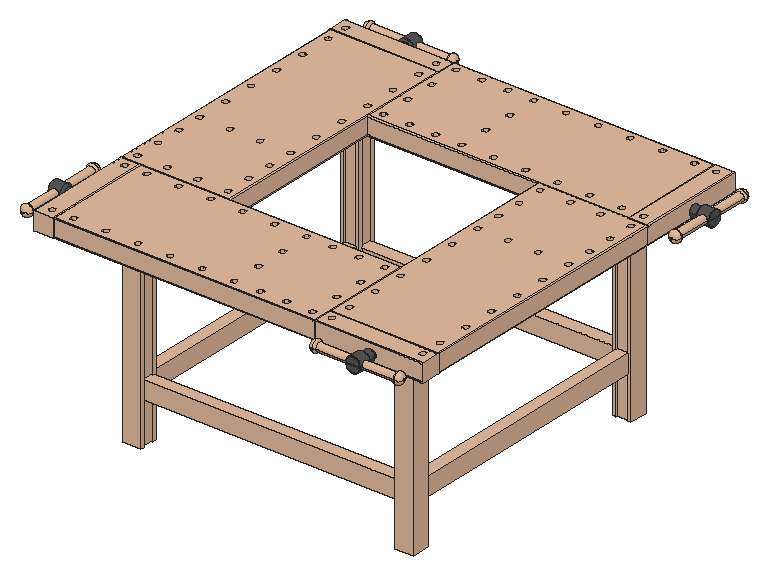
Revit family "Furniture_Other_Sjobergs_Workbench_Junior_4", category Furniture, Revit 2017
Family settings
  OmniClass Number = 23.40.70.14
  OmniClass Title = Retail and Commercial Equipment and Furnishings
  Work Plane-Based = No
  Always vertical = Yes
  Cut with Voids When Loaded = No
  Shared = No
  Room Calculation Point = No
Parameters (values of type "33360 Sjobergs Bench Junior 4")
  Weight = "55 kg"
  WarrantyStartDate [instance] = "n/a"
  WarrantyGuarantorParts = "n/a"
  WarrantyGuarantorLabor = "n/a"
  WarrantyDurationUnit = "Year"
  WarrantyDurationParts = "n/a"
  WarrantyDurationLabor = "n/a"
  WarrantyDescription = "n/a"
  VersionDate = "26/06/2020"  # constant formula
  Version = "1"  # constant formula
  Uniclass2015Reference = "Pr_40_50_21_76"
  Uniclass2015Description = "Desks, Tables And Worktops"
  Uniclass2 = "Pr_40_50_21"
  URL = "https://www.sjobergs.se/en/products/hobby/239.php?id=1026&cat=30&lang=en&artnr=33360"
  Type Comments = ""
  TagNumber [instance] = "n/a"
  TableSecondaryMaterial = Black Metal
  TableMainMaterial = Beech
  SustainabilityPerformance = "n/a"
  Style = "n/a"
  Size = "1300x1300x700 mm"
  Shape = "Sculptured"
  SerialNumber [instance] = "n/a"
  Revision = "n/a"
  ReplacementCost = "n/a"
  ProductInformation = "Intended for pre-school and recreational activities. JUNIOR-4 is delivered complete with trestle in wood and bench dogs."
  ProductDatasheet = "https://www.sjobergs.se/dbhires/Product_sheet_Junior_Senior_2020.pdf"
  NominalLength = 1433.5 mm
  NominalHeight = 700 mm
  NominalDepth = 1433.5 mm
  Name = "Sjobergs_Workbench_Junior_4"
  NBSReference = "45-35-20/320"
  NBSDescription = "School art, design and technology tables and workbenches;"
  ModelReference = "33360"
  ModelNumber = "n/a"
  Material = "Wood, metal"
  ManufacturerURL = "https://www.sjobergs.se/en/"
  ManufacturerName = "Sjöbergs"
  Model = "33360 Sjobergs Bench Junior 4"
  Manufacturer = ManufacturerName  # "Sjöbergs"
  MainColor = "Wooden"
  InstallationDate [instance] = "n/a"
  IfcExportType = "TABLE"  # constant formula
  IfcExportAs = "IfcFurnishingElementType"  # constant formula
  Grade = "n/a"
  Finish = "Solid birch"
  Features = "n/a"
  ExpectedLife = "n/a"
  EANNumber = ""
  DurationUnit = "Year"
  Description = "Intended for pre-school and recreational activities. JUNIOR-4 is delivered complete with trestle in wood and bench dogs."
  Cost = 0
  ConvergoRefNr = "0184-2005-0020-SE"
  Constituents = "33360 Junior x 4"
  Color = MainColor  # "Wooden"
  Collection = "Planer Benches"
  CodePerformance = "n/a"
  Barcode [instance] = "n/a"
  AssetIdentifier [instance] = "n/a"
  Category = "Hobby"
  Brand = ManufacturerName  # "Sjöbergs"
  BIMObjectName = "Furniture_Other_Sjobergs_Workbench_Junior_4"
  Author = "Convergo AB"  # constant formula
  AssetType = "Movable"
  AccessibilityPerformance = "n/a"
Reference planes
  plane 1 "Center (Front/Back)": y = 0
  plane 2: z = 0
  plane 3 "Center (Left/Right)": x = 0
  plane 4: x = -716.75
  plane 5: x = 716.75
  plane 6: y = 716.75
  plane 7: y = -716.75
  plane 8: z = 700
Dimensions and locks
  equal spacing: plane 4, plane 3 "Center (Left/Right)", plane 5
  "NominalLength": plane 4 to plane 5
  equal spacing: plane 6, plane 1 "Center (Front/Back)", plane 7
  "NominalDepth": plane 7 to plane 6
  "NominalHeight": plane 8 to plane 2
  aligned and locked: level to plane 2
  aligned and locked: plane 3 "Center (Left/Right)" to nested 1
  aligned and locked: plane 1 "Center (Front/Back)" to nested 1
Nested families
  nested 1: "33360" at (0, 0, 0), Main <- "TableMainMaterial", Secondary <- "TableSecondaryMaterial", type "33360"
    with Secondary Black Metal, Main Beech
Definition of nested family "33360"
  Parameters (values of type "33360")
    Secondary [instance] = none
    Main [instance] = none
  Reference planes
    plane 1 "Center (Front/Back)": y = 0
    plane 2: z = 0
    plane 3 "Center (Left/Right)": x = 0
    plane 4: y = 716.75
    plane 5: y = -716.75
    plane 6: x = -716.75
    plane 7: x = 716.75
    plane 8: z = 700
  Forms (mm)
    Extrusion 1, solid, material <- "Main", detail levels coarse
      sketch origin (0, 0, 0) x (1, 0, 0) y (0, 1, 0)
        loop
          line (-716.75, 716.75) -> (-716.75, -716.75) -> (716.75, -716.75) -> (716.75, 716.75) -> (-716.75, 716.75)
      from 0 to 700
    Extrusion 2, solid, material <- "Main", detail levels medium+fine
      sketch origin (0, 0, 0) x (1, 0, 0) y (0, 1, 0)
        loop
          line (-420, 480) -> (-480, 480) -> (-480, 420) -> (-470, 420) -> (-470, 425) -> (-430, 425) -> (-430, 420) -> (-420, 420) -> (-420, 430) -> (-425, 430) -> (-425, 470) -> (-420, 470) -> (-420, 480)
        loop
          line (420, 480) -> (420, 470) -> (425, 470) -> (425, 430) -> (420, 430) -> (420, 420) -> (430, 420) -> (430, 425) -> (470, 425) -> (470, 420) -> (480, 420) -> (480, 480) -> (420, 480)
        loop
          line (-420, -480) -> (-420, -470) -> (-425, -470) -> (-425, -430) -> (-420, -430) -> (-420, -420) -> (-430, -420) -> (-430, -425) -> (-470, -425) -> (-470, -420) -> (-480, -420) -> (-480, -480) -> (-420, -480)
        loop
          line (420, -480) -> (480, -480) -> (480, -420) -> (470, -420) -> (470, -425) -> (430, -425) -> (430, -420) -> (420, -420) -> (420, -430) -> (425, -430) -> (425, -470) -> (420, -470) -> (420, -480)
      from 0 to 640
    Sweep 3, solid, material <- "Main", detail levels medium+fine
      path origin (0, 0, 0) x (1, 0, 0) y (0, 1, 0)
        loop
          line (-450, 450) -> (-450, -450) -> (450, -450) -> (450, 450) -> (-450, 450)
      profile origin (-450, 0, 0) x (1, 0, 0) y (0, 0, 1)
        loop
          line (-20, 580) -> (20, 580) -> (20, 640) -> (-20, 640) -> (-20, 580)
        loop
          line (-20, 140) -> (20, 140) -> (20, 200) -> (-20, 200) -> (-20, 140)
  Lines and regions (mm)
    symbolic lines, detail levels fine
      curve 1: line (578.25, 283.25, 0) -> (578.25, 643.25, 0)
      curve 3: line (648.164, 487.5, 0) -> (648.164, 451.5, 0)
      curve 7: line (670.75, 487.5, 0) -> (670.75, 451.5, 0)
      curve 16: line (709.75, 599.293, 0) -> (682.75, 599.293, 0)
      curve 29: line (646.25, 485.586, 0) -> (646.25, 453.414, 0)
      curve 31: line (677.75, 444.5, 0) -> (677.75, 494.5, 0)
      curve 32: line (714.982, 444.5, 0) -> (714.982, 494.5, 0)
      curve 33: arc (682.75, 494.5, 0) -> (696.25, 489.924, 0) -> (709.75, 494.5, 0) r 22.203
      curve 34: arc (682.75, 444.5, 0) -> (696.25, 448.784, 0) -> (709.75, 444.5, 0) r 23.414
      curve 35: line (709.75, 339.707, 0) -> (682.75, 339.707, 0)
      curve 46: line (643.25, 453.414, 0) -> (643.25, 485.586, 0)
      curve 48: line (-283.25, 283.25, 0) -> (643.25, 283.25, 0)
      curve 49: circle (-253.25, 613.25, 0) r 10 normal (0, 0, 1)
      curve 50: circle (-167.25, 613.25, 0) r 10 normal (0, 0, 1)
      curve 51: circle (-81.25, 613.25, 0) r 10 normal (0, 0, 1)
      curve 52: circle (4.75, 613.25, 0) r 10 normal (0, 0, 1)
      curve 53: circle (110.75, 613.25, 0) r 10 normal (0, 0, 1)
      curve 54: circle (216.75, 613.25, 0) r 10 normal (0, 0, 1)
      curve 55: circle (322.75, 613.25, 0) r 10 normal (0, 0, 1)
      curve 56: circle (428.75, 613.25, 0) r 10 normal (0, 0, 1)
      curve 57: circle (534.75, 613.25, 0) r 10 normal (0, 0, 1)
      curve 58: circle (534.75, 313.25, 0) r 10 normal (0, 0, 1)
      curve 59: circle (428.75, 313.25, 0) r 10 normal (0, 0, 1)
      curve 60: circle (322.75, 313.25, 0) r 10 normal (0, 0, 1)
      curve 61: circle (216.75, 313.25, 0) r 10 normal (0, 0, 1)
      curve 62: circle (110.75, 313.25, 0) r 10 normal (0, 0, 1)
      curve 63: circle (4.75, 313.25, 0) r 10 normal (0, 0, 1)
      curve 64: circle (-167.25, 313.25, 0) r 10 normal (0, 0, 1)
      curve 65: circle (-253.25, 313.25, 0) r 10 normal (0, 0, 1)
      curve 66: circle (-253.25, 413.25, 0) r 10 normal (0, 0, 1)
      curve 67: circle (-253.25, 513.25, 0) r 10 normal (0, 0, 1)
      curve 68: circle (4.75, 513.25, 0) r 10 normal (0, 0, 1)
      curve 69: circle (4.75, 413.25, 0) r 10 normal (0, 0, 1)
      curve 70: circle (-81.25, 313.25, 0) r 10 normal (0, 0, 1)
      curve 71: circle (606.75, 313.25, 0) r 10 normal (0, 0, 1)
      curve 72: circle (606.75, 613.25, 0) r 10 normal (0, 0, 1)
      curve 73: line (-283.25, 578.25, 0) -> (-643.25, 578.25, 0)
      curve 75: line (-487.5, 648.164, 0) -> (-451.5, 648.164, 0)
      curve 79: line (-487.5, 670.75, 0) -> (-451.5, 670.75, 0)
      curve 88: line (-599.293, 709.75, 0) -> (-599.293, 682.75, 0)
      curve 101: line (-485.586, 646.25, 0) -> (-453.414, 646.25, 0)
      curve 103: line (-444.5, 677.75, 0) -> (-494.5, 677.75, 0)
      curve 104: line (-444.5, 714.982, 0) -> (-494.5, 714.982, 0)
      curve 105: arc (-494.5, 682.75, 0) -> (-489.924, 696.25, 0) -> (-494.5, 709.75, 0) r 22.203
      curve 106: arc (-444.5, 682.75, 0) -> (-448.784, 696.25, 0) -> (-444.5, 709.75, 0) r 23.414
      curve 107: line (-339.707, 709.75, 0) -> (-339.707, 682.75, 0)
      curve 118: line (-453.414, 643.25, 0) -> (-485.586, 643.25, 0)
      curve 120: line (-283.25, -283.25, 0) -> (-283.25, 643.25, 0)
      curve 121: circle (-613.25, -253.25, 0) r 10 normal (0, 0, 1)
      curve 122: circle (-613.25, -167.25, 0) r 10 normal (0, 0, 1)
      curve 123: circle (-613.25, -81.25, 0) r 10 normal (0, 0, 1)
      curve 124: circle (-613.25, 4.75, 0) r 10 normal (0, 0, 1)
      curve 125: circle (-613.25, 110.75, 0) r 10 normal (0, 0, 1)
      curve 126: circle (-613.25, 216.75, 0) r 10 normal (0, 0, 1)
      curve 127: circle (-613.25, 322.75, 0) r 10 normal (0, 0, 1)
      curve 128: circle (-613.25, 428.75, 0) r 10 normal (0, 0, 1)
      curve 129: circle (-613.25, 534.75, 0) r 10 normal (0, 0, 1)
      curve 130: circle (-313.25, 534.75, 0) r 10 normal (0, 0, 1)
      curve 131: circle (-313.25, 428.75, 0) r 10 normal (0, 0, 1)
      curve 132: circle (-313.25, 322.75, 0) r 10 normal (0, 0, 1)
      curve 133: circle (-313.25, 216.75, 0) r 10 normal (0, 0, 1)
      curve 134: circle (-313.25, 110.75, 0) r 10 normal (0, 0, 1)
      curve 135: circle (-313.25, 4.75, 0) r 10 normal (0, 0, 1)
      curve 136: circle (-313.25, -167.25, 0) r 10 normal (0, 0, 1)
      curve 137: circle (-313.25, -253.25, 0) r 10 normal (0, 0, 1)
      curve 138: circle (-413.25, -253.25, 0) r 10 normal (0, 0, 1)
      curve 139: circle (-513.25, -253.25, 0) r 10 normal (0, 0, 1)
      curve 140: circle (-513.25, 4.75, 0) r 10 normal (0, 0, 1)
      curve 141: circle (-413.25, 4.75, 0) r 10 normal (0, 0, 1)
      curve 142: circle (-313.25, -81.25, 0) r 10 normal (0, 0, 1)
      curve 143: circle (-313.25, 606.75, 0) r 10 normal (0, 0, 1)
      curve 144: circle (-613.25, 606.75, 0) r 10 normal (0, 0, 1)
      curve 145: line (-578.25, -283.25, 0) -> (-578.25, -643.25, 0)
      curve 147: line (-648.164, -487.5, 0) -> (-648.164, -451.5, 0)
      curve 151: line (-670.75, -487.5, 0) -> (-670.75, -451.5, 0)
      curve 160: line (-709.75, -599.293, 0) -> (-682.75, -599.293, 0)
      curve 173: line (-646.25, -485.586, 0) -> (-646.25, -453.414, 0)
      curve 175: line (-677.75, -444.5, 0) -> (-677.75, -494.5, 0)
      curve 176: line (-714.982, -444.5, 0) -> (-714.982, -494.5, 0)
      curve 177: arc (-682.75, -494.5, 0) -> (-696.25, -489.924, 0) -> (-709.75, -494.5, 0) r 22.203
      curve 178: arc (-682.75, -444.5, 0) -> (-696.25, -448.784, 0) -> (-709.75, -444.5, 0) r 23.414
      curve 179: line (-709.75, -339.707, 0) -> (-682.75, -339.707, 0)
      curve 190: line (-643.25, -453.414, 0) -> (-643.25, -485.586, 0)
      curve 192: line (283.25, -283.25, 0) -> (-643.25, -283.25, 0)
      curve 193: circle (253.25, -613.25, 0) r 10 normal (0, 0, 1)
      curve 194: circle (167.25, -613.25, 0) r 10 normal (0, 0, 1)
      curve 195: circle (81.25, -613.25, 0) r 10 normal (0, 0, 1)
      curve 196: circle (-4.75, -613.25, 0) r 10 normal (0, 0, 1)
      curve 197: circle (-110.75, -613.25, 0) r 10 normal (0, 0, 1)
      curve 198: circle (-216.75, -613.25, 0) r 10 normal (0, 0, 1)
      curve 199: circle (-322.75, -613.25, 0) r 10 normal (0, 0, 1)
      curve 200: circle (-428.75, -613.25, 0) r 10 normal (0, 0, 1)
      curve 201: circle (-534.75, -613.25, 0) r 10 normal (0, 0, 1)
      curve 202: circle (-534.75, -313.25, 0) r 10 normal (0, 0, 1)
      curve 203: circle (-428.75, -313.25, 0) r 10 normal (0, 0, 1)
      curve 204: circle (-322.75, -313.25, 0) r 10 normal (0, 0, 1)
      curve 205: circle (-216.75, -313.25, 0) r 10 normal (0, 0, 1)
      curve 206: circle (-110.75, -313.25, 0) r 10 normal (0, 0, 1)
      curve 207: circle (-4.75, -313.25, 0) r 10 normal (0, 0, 1)
      curve 208: circle (167.25, -313.25, 0) r 10 normal (0, 0, 1)
      curve 209: circle (253.25, -313.25, 0) r 10 normal (0, 0, 1)
      curve 210: circle (253.25, -413.25, 0) r 10 normal (0, 0, 1)
      curve 211: circle (253.25, -513.25, 0) r 10 normal (0, 0, 1)
      curve 212: circle (-4.75, -513.25, 0) r 10 normal (0, 0, 1)
      curve 213: circle (-4.75, -413.25, 0) r 10 normal (0, 0, 1)
      curve 214: circle (81.25, -313.25, 0) r 10 normal (0, 0, 1)
      curve 215: circle (-606.75, -313.25, 0) r 10 normal (0, 0, 1)
      curve 216: circle (-606.75, -613.25, 0) r 10 normal (0, 0, 1)
      curve 217: line (283.25, -578.25, 0) -> (643.25, -578.25, 0)
      curve 219: line (487.5, -648.164, 0) -> (451.5, -648.164, 0)
      curve 223: line (487.5, -670.75, 0) -> (451.5, -670.75, 0)
      curve 232: line (599.293, -709.75, 0) -> (599.293, -682.75, 0)
      curve 245: line (485.586, -646.25, 0) -> (453.414, -646.25, 0)
      curve 247: line (444.5, -677.75, 0) -> (494.5, -677.75, 0)
      curve 248: line (444.5, -714.982, 0) -> (494.5, -714.982, 0)
      curve 249: arc (494.5, -682.75, 0) -> (489.924, -696.25, 0) -> (494.5, -709.75, 0) r 22.203
      curve 250: arc (444.5, -682.75, 0) -> (448.784, -696.25, 0) -> (444.5, -709.75, 0) r 23.414
      curve 251: line (339.707, -709.75, 0) -> (339.707, -682.75, 0)
      curve 262: line (453.414, -643.25, 0) -> (485.586, -643.25, 0)
      curve 264: line (283.25, 283.25, 0) -> (283.25, -643.25, 0)
      curve 265: circle (613.25, 253.25, 0) r 10 normal (0, 0, 1)
      curve 266: circle (613.25, 167.25, 0) r 10 normal (0, 0, 1)
      curve 267: circle (613.25, 81.25, 0) r 10 normal (0, 0, 1)
      curve 268: circle (613.25, -4.75, 0) r 10 normal (0, 0, 1)
      curve 269: circle (613.25, -110.75, 0) r 10 normal (0, 0, 1)
      curve 270: circle (613.25, -216.75, 0) r 10 normal (0, 0, 1)
      curve 271: circle (613.25, -322.75, 0) r 10 normal (0, 0, 1)
      curve 272: circle (613.25, -428.75, 0) r 10 normal (0, 0, 1)
      curve 273: circle (613.25, -534.75, 0) r 10 normal (0, 0, 1)
      curve 274: circle (313.25, -534.75, 0) r 10 normal (0, 0, 1)
      curve 275: circle (313.25, -428.75, 0) r 10 normal (0, 0, 1)
      curve 276: circle (313.25, -322.75, 0) r 10 normal (0, 0, 1)
      curve 277: circle (313.25, -216.75, 0) r 10 normal (0, 0, 1)
      curve 278: circle (313.25, -110.75, 0) r 10 normal (0, 0, 1)
      curve 279: circle (313.25, -4.75, 0) r 10 normal (0, 0, 1)
      curve 280: circle (313.25, 167.25, 0) r 10 normal (0, 0, 1)
      curve 281: circle (313.25, 253.25, 0) r 10 normal (0, 0, 1)
      curve 282: circle (413.25, 253.25, 0) r 10 normal (0, 0, 1)
      curve 283: circle (513.25, 253.25, 0) r 10 normal (0, 0, 1)
      curve 284: circle (513.25, -4.75, 0) r 10 normal (0, 0, 1)
      curve 285: circle (413.25, -4.75, 0) r 10 normal (0, 0, 1)
      curve 286: circle (313.25, 81.25, 0) r 10 normal (0, 0, 1)
      curve 287: circle (313.25, -606.75, 0) r 10 normal (0, 0, 1)
      curve 288: circle (613.25, -606.75, 0) r 10 normal (0, 0, 1)
      curve 290: line (0, -648.164, 646.5) -> (0, -648.164, 682.5)
      curve 293: line (0, -670.75, 646.5) -> (0, -670.75, 682.5)
      curve 303: line (0, -714.911, 689.571) -> (0, -714.911, 639.429)
      curve 304: line (0, -677.821, 639.429) -> (0, -677.821, 689.571)
      curve 305: line (0, -646.25, 680.586) -> (0, -646.25, 648.414)
      curve 306: circle (0, -696.366, 665.125) r 18.545 normal (-1, 0, 0)
      curve 309: line (0, -643.25, 680.586) -> (0, -643.25, 648.414)
      curve 320: line (0, 648.164, 646.5) -> (0, 648.164, 682.5)
      curve 323: line (0, 670.75, 646.5) -> (0, 670.75, 682.5)
      curve 333: line (0, 714.911, 689.571) -> (0, 714.911, 639.429)
      curve 334: line (0, 677.821, 639.429) -> (0, 677.821, 689.571)
      curve 335: line (0, 646.25, 680.586) -> (0, 646.25, 648.414)
      curve 336: circle (0, 696.366, 665.125) r 18.545 normal (1, 0, 0)
      curve 339: line (0, 643.25, 680.586) -> (0, 643.25, 648.414)
      curve 342: line (0, 578.25, 700) -> (0, 578.25, 640)
      curve 343: line (0, 480, 640) -> (0, -480, 640)
      curve 344: circle (0, -469.5, 664.5) r 23.232 normal (1, 0, 0)
      curve 345: circle (0, -469.5, 664.5) r 24.5 normal (-1, 0, 0)
      curve 346: arc (0, -333.692, 646.625) -> (0, -337.597, 648.039) -> (0, -339.692, 651.625) r 6.1
      curve 347: line (0, -339.692, 651.625) -> (0, -448.656, 651.625)
      curve 348: arc (0, -599.278, 651.625) -> (0, -601.373, 648.039) -> (0, -605.278, 646.625) r 6.1
      curve 349: arc (0, -605.278, 646.625) -> (0, -615.885, 651.018) -> (0, -620.278, 661.625) r 15
      curve 350: line (0, -620.278, 661.625) -> (0, -620.278, 665.125)
      curve 351: line (0, -318.692, 665.125) -> (0, -318.692, 661.625)
      curve 352: arc (0, -318.692, 661.625) -> (0, -323.086, 651.018) -> (0, -333.692, 646.625) r 15
      curve 353: arc (0, -333.692, 683.625) -> (0, -337.597, 682.211) -> (0, -339.692, 678.625) r 6.1
      curve 354: line (0, -339.692, 678.625) -> (0, -448.873, 678.625)
      curve 355: arc (0, -599.278, 678.625) -> (0, -601.373, 682.211) -> (0, -605.278, 683.625) r 6.1
      curve 356: arc (0, -605.278, 683.625) -> (0, -615.885, 679.232) -> (0, -620.278, 668.625) r 15
      curve 357: line (0, -620.278, 668.625) -> (0, -620.278, 665.125)
      curve 358: line (0, -318.692, 665.125) -> (0, -318.692, 668.625)
      curve 359: arc (0, -318.692, 668.625) -> (0, -323.086, 679.232) -> (0, -333.692, 683.625) r 15
      curve 360: line (0, -490.127, 678.625) -> (0, -599.278, 678.625)
      curve 361: line (0, -490.344, 651.625) -> (0, -599.278, 651.625)
      curve 363: line (0, -599.278, 678.625) -> (0, -599.278, 651.625)
      curve 364: line (0, -339.692, 651.625) -> (0, -339.692, 678.625)
      curve 365: line (0, 420, 200) -> (0, -420, 200)
      curve 366: line (0, -420, 140) -> (0, -420, 640)
      curve 367: line (0, -420, 580) -> (0, 420, 580)
      curve 368: line (0, 420, 640) -> (0, 420, 140)
      curve 369: circle (696.366, 0, 665.125) r 18.545 normal (0, -1, 0)
      curve 370: circle (-696.366, 0, 665.125) r 18.545 normal (0, -1, 0)
      curve 371: circle (469.5, 0, 664.5) r 23.232 normal (0, -1, 0)
      curve 372: circle (469.5, 0, 664.5) r 24.5 normal (0, -1, 0)
      curve 373: arc (333.692, 0, 646.625) -> (337.597, 0, 648.039) -> (339.692, 0, 651.625) r 6.1
      curve 374: arc (599.278, 0, 651.625) -> (601.373, 0, 648.039) -> (605.278, 0, 646.625) r 6.1
      curve 375: arc (605.278, 0, 646.625) -> (615.885, 0, 651.018) -> (620.278, 0, 661.625) r 15
      curve 376: arc (318.692, 0, 661.625) -> (323.086, 0, 651.018) -> (333.692, 0, 646.625) r 15
      curve 377: arc (339.692, 0, 678.625) -> (337.597, 0, 682.211) -> (333.692, 0, 683.625) r 6.1
      curve 378: arc (605.278, 0, 683.625) -> (601.373, 0, 682.211) -> (599.278, 0, 678.625) r 6.1
      curve 379: arc (620.278, 0, 668.625) -> (615.885, 0, 679.232) -> (605.278, 0, 683.625) r 15
      curve 380: arc (333.692, 0, 683.625) -> (323.086, 0, 679.232) -> (318.692, 0, 668.625) r 15
      curve 385: line (643.25, 0, 680.586) -> (643.25, 0, 648.414)
      curve 388: line (648.164, 0, 646.5) -> (648.164, 0, 682.5)
      curve 390: line (646.25, 0, 680.586) -> (646.25, 0, 648.414)
      curve 392: line (670.75, 0, 646.5) -> (670.75, 0, 682.5)
      curve 396: line (714.911, 0, 689.571) -> (714.911, 0, 639.429)
      curve 402: line (677.821, 0, 639.429) -> (677.821, 0, 689.571)
      curve 407: line (-648.164, 0, 646.5) -> (-648.164, 0, 682.5)
      curve 409: line (-646.25, 0, 680.586) -> (-646.25, 0, 648.414)
      curve 411: line (-670.75, 0, 646.5) -> (-670.75, 0, 682.5)
      curve 418: line (-714.911, 0, 639.429) -> (-714.911, 0, 689.571)
      curve 421: line (-677.821, 0, 639.429) -> (-677.821, 0, 689.571)
      curve 423: line (-643.25, 0, 680.586) -> (-643.25, 0, 648.414)
      curve 433: line (480, 0, 640) -> (-480, 0, 640)
      curve 434: line (-578.25, 0, 700) -> (-578.25, 0, 640)
      curve 435: line (620.278, 0, 661.625) -> (620.278, 0, 665.125)
      curve 436: line (620.278, 0, 665.125) -> (620.278, 0, 668.625)
      curve 437: line (318.692, 0, 668.625) -> (318.692, 0, 665.125)
      curve 438: line (318.692, 0, 665.125) -> (318.692, 0, 661.625)
      curve 439: line (448.656, 0, 651.625) -> (339.692, 0, 651.625)
      curve 440: line (339.692, 0, 651.625) -> (339.692, 0, 678.625)
      curve 441: line (339.692, 0, 678.625) -> (448.873, 0, 678.625)
      curve 442: line (490.344, 0, 651.625) -> (599.278, 0, 651.625)
      curve 443: line (599.278, 0, 651.625) -> (599.278, 0, 678.625)
      curve 444: line (599.278, 0, 678.625) -> (490.127, 0, 678.625)
      curve 445: line (-420, 0, 200) -> (420, 0, 200)
      curve 446: line (420, 0, 140) -> (420, 0, 640)
      curve 447: line (420, 0, 580) -> (-420, 0, 580)
      curve 448: line (-420, 0, 640) -> (-420, 0, 140)
    symbolic lines, detail levels medium+fine
      curve 2: line (643.25, 283.25, 0) -> (643.25, 453.414, 0)
      curve 4: line (648.164, 451.5, 0) -> (646.25, 453.414, 0)
      curve 5: line (648.164, 487.5, 0) -> (646.25, 485.586, 0)
      curve 6: line (648.164, 487.5, 0) -> (670.75, 487.5, 0)
      curve 8: line (670.75, 451.5, 0) -> (648.164, 451.5, 0)
      curve 9: line (716.75, 446.268, 0) -> (716.75, 492.732, 0)
      curve 10: line (716.75, 492.732, 0) -> (714.982, 494.5, 0)
      curve 11: line (714.982, 494.5, 0) -> (709.75, 494.5, 0)
      curve 12: line (677.75, 494.5, 0) -> (670.75, 487.5, 0)
      curve 13: line (670.75, 451.5, 0) -> (677.75, 444.5, 0)
      curve 14: line (677.75, 444.5, 0) -> (682.75, 444.5, 0)
      curve 15: line (714.982, 444.5, 0) -> (716.75, 446.268, 0)
      curve 17: line (682.75, 339.707, 0) -> (682.75, 444.5, 0)
      curve 18: line (709.75, 339.658, 0) -> (709.75, 444.5, 0)
      curve 19: line (682.75, 599.293, 0) -> (682.75, 494.5, 0)
      curve 20: line (709.75, 599.342, 0) -> (709.75, 494.5, 0)
      curve 21: line (691.665, 620.308, 0) -> (700.468, 620.308, 0)
      curve 22: arc (679.148, 611.848, 0) -> (684.112, 617.995, 0) -> (691.665, 620.308, 0) r 13.49
      curve 23: arc (677.979, 604.146, 0) -> (678.116, 608.065, 0) -> (679.148, 611.848, 0) r 16.976
      curve 24: arc (682.75, 599.293, 0) -> (679.484, 600.854, 0) -> (677.979, 604.146, 0) r 5.307
      curve 25: arc (712.985, 611.848, 0) -> (708.022, 617.995, 0) -> (700.468, 620.308, 0) r 13.49
      curve 26: arc (714.155, 604.146, 0) -> (714.018, 608.065, 0) -> (712.985, 611.848, 0) r 16.976
      curve 27: arc (709.75, 599.342, 0) -> (712.777, 600.988, 0) -> (714.155, 604.146, 0) r 5.307
      curve 28: line (682.75, 494.5, 0) -> (677.75, 494.5, 0)
      curve 30: line (709.75, 444.5, 0) -> (714.982, 444.5, 0)
      curve 36: line (691.665, 318.692, 0) -> (700.468, 318.692, 0)
      curve 37: arc (679.148, 327.152, 0) -> (684.112, 321.005, 0) -> (691.665, 318.692, 0) r 13.49
      curve 38: arc (677.979, 334.854, 0) -> (678.116, 330.935, 0) -> (679.148, 327.152, 0) r 16.976
      curve 39: arc (682.75, 339.707, 0) -> (679.484, 338.146, 0) -> (677.979, 334.854, 0) r 5.307
      curve 40: arc (712.985, 327.152, 0) -> (708.022, 321.005, 0) -> (700.468, 318.692, 0) r 13.49
      curve 41: arc (714.155, 334.854, 0) -> (714.018, 330.935, 0) -> (712.985, 327.152, 0) r 16.976
      curve 42: arc (709.75, 339.658, 0) -> (712.777, 338.012, 0) -> (714.155, 334.854, 0) r 5.307
      curve 43: line (-283.25, 643.25, 0) -> (643.25, 643.25, 0)
      curve 44: line (646.25, 485.586, 0) -> (643.25, 485.586, 0)
      curve 45: line (646.25, 453.414, 0) -> (643.25, 453.414, 0)
      curve 47: line (643.25, 485.586, 0) -> (643.25, 643.25, 0)
      curve 74: line (-283.25, 643.25, 0) -> (-453.414, 643.25, 0)
      curve 76: line (-451.5, 648.164, 0) -> (-453.414, 646.25, 0)
      curve 77: line (-487.5, 648.164, 0) -> (-485.586, 646.25, 0)
      curve 78: line (-487.5, 648.164, 0) -> (-487.5, 670.75, 0)
      curve 80: line (-451.5, 670.75, 0) -> (-451.5, 648.164, 0)
      curve 81: line (-446.268, 716.75, 0) -> (-492.732, 716.75, 0)
      curve 82: line (-492.732, 716.75, 0) -> (-494.5, 714.982, 0)
      curve 83: line (-494.5, 714.982, 0) -> (-494.5, 709.75, 0)
      curve 84: line (-494.5, 677.75, 0) -> (-487.5, 670.75, 0)
      curve 85: line (-451.5, 670.75, 0) -> (-444.5, 677.75, 0)
      curve 86: line (-444.5, 677.75, 0) -> (-444.5, 682.75, 0)
      curve 87: line (-444.5, 714.982, 0) -> (-446.268, 716.75, 0)
      curve 89: line (-339.707, 682.75, 0) -> (-444.5, 682.75, 0)
      curve 90: line (-339.658, 709.75, 0) -> (-444.5, 709.75, 0)
      curve 91: line (-599.293, 682.75, 0) -> (-494.5, 682.75, 0)
      curve 92: line (-599.342, 709.75, 0) -> (-494.5, 709.75, 0)
      curve 93: line (-620.308, 691.665, 0) -> (-620.308, 700.468, 0)
      curve 94: arc (-611.848, 679.148, 0) -> (-617.995, 684.112, 0) -> (-620.308, 691.665, 0) r 13.49
      curve 95: arc (-604.146, 677.979, 0) -> (-608.065, 678.116, 0) -> (-611.848, 679.148, 0) r 16.976
      curve 96: arc (-599.293, 682.75, 0) -> (-600.854, 679.484, 0) -> (-604.146, 677.979, 0) r 5.307
      curve 97: arc (-611.848, 712.985, 0) -> (-617.995, 708.022, 0) -> (-620.308, 700.468, 0) r 13.49
      curve 98: arc (-604.146, 714.155, 0) -> (-608.065, 714.018, 0) -> (-611.848, 712.985, 0) r 16.976
      curve 99: arc (-599.342, 709.75, 0) -> (-600.988, 712.777, 0) -> (-604.146, 714.155, 0) r 5.307
      curve 100: line (-494.5, 682.75, 0) -> (-494.5, 677.75, 0)
      curve 102: line (-444.5, 709.75, 0) -> (-444.5, 714.982, 0)
      curve 108: line (-318.692, 691.665, 0) -> (-318.692, 700.468, 0)
      curve 109: arc (-327.152, 679.148, 0) -> (-321.005, 684.112, 0) -> (-318.692, 691.665, 0) r 13.49
      curve 110: arc (-334.854, 677.979, 0) -> (-330.935, 678.116, 0) -> (-327.152, 679.148, 0) r 16.976
      curve 111: arc (-339.707, 682.75, 0) -> (-338.146, 679.484, 0) -> (-334.854, 677.979, 0) r 5.307
      curve 112: arc (-327.152, 712.985, 0) -> (-321.005, 708.022, 0) -> (-318.692, 700.468, 0) r 13.49
      curve 113: arc (-334.854, 714.155, 0) -> (-330.935, 714.018, 0) -> (-327.152, 712.985, 0) r 16.976
      curve 114: arc (-339.658, 709.75, 0) -> (-338.012, 712.777, 0) -> (-334.854, 714.155, 0) r 5.307
      curve 115: line (-643.25, -283.25, 0) -> (-643.25, 643.25, 0)
      curve 116: line (-485.586, 646.25, 0) -> (-485.586, 643.25, 0)
      curve 117: line (-453.414, 646.25, 0) -> (-453.414, 643.25, 0)
      curve 119: line (-485.586, 643.25, 0) -> (-643.25, 643.25, 0)
      curve 146: line (-643.25, -283.25, 0) -> (-643.25, -453.414, 0)
      curve 148: line (-648.164, -451.5, 0) -> (-646.25, -453.414, 0)
      curve 149: line (-648.164, -487.5, 0) -> (-646.25, -485.586, 0)
      curve 150: line (-648.164, -487.5, 0) -> (-670.75, -487.5, 0)
      curve 152: line (-670.75, -451.5, 0) -> (-648.164, -451.5, 0)
      curve 153: line (-716.75, -446.268, 0) -> (-716.75, -492.732, 0)
      curve 154: line (-716.75, -492.732, 0) -> (-714.982, -494.5, 0)
      curve 155: line (-714.982, -494.5, 0) -> (-709.75, -494.5, 0)
      curve 156: line (-677.75, -494.5, 0) -> (-670.75, -487.5, 0)
      curve 157: line (-670.75, -451.5, 0) -> (-677.75, -444.5, 0)
      curve 158: line (-677.75, -444.5, 0) -> (-682.75, -444.5, 0)
      curve 159: line (-714.982, -444.5, 0) -> (-716.75, -446.268, 0)
      curve 161: line (-682.75, -339.707, 0) -> (-682.75, -444.5, 0)
      curve 162: line (-709.75, -339.658, 0) -> (-709.75, -444.5, 0)
      curve 163: line (-682.75, -599.293, 0) -> (-682.75, -494.5, 0)
      curve 164: line (-709.75, -599.342, 0) -> (-709.75, -494.5, 0)
      curve 165: line (-691.665, -620.308, 0) -> (-700.468, -620.308, 0)
      curve 166: arc (-679.148, -611.848, 0) -> (-684.112, -617.995, 0) -> (-691.665, -620.308, 0) r 13.49
      curve 167: arc (-677.979, -604.146, 0) -> (-678.116, -608.065, 0) -> (-679.148, -611.848, 0) r 16.976
      curve 168: arc (-682.75, -599.293, 0) -> (-679.484, -600.854, 0) -> (-677.979, -604.146, 0) r 5.307
      curve 169: arc (-712.985, -611.848, 0) -> (-708.022, -617.995, 0) -> (-700.468, -620.308, 0) r 13.49
      curve 170: arc (-714.155, -604.146, 0) -> (-714.018, -608.065, 0) -> (-712.985, -611.848, 0) r 16.976
      curve 171: arc (-709.75, -599.342, 0) -> (-712.777, -600.988, 0) -> (-714.155, -604.146, 0) r 5.307
      curve 172: line (-682.75, -494.5, 0) -> (-677.75, -494.5, 0)
      curve 174: line (-709.75, -444.5, 0) -> (-714.982, -444.5, 0)
      curve 180: line (-691.665, -318.692, 0) -> (-700.468, -318.692, 0)
      curve 181: arc (-679.148, -327.152, 0) -> (-684.112, -321.005, 0) -> (-691.665, -318.692, 0) r 13.49
      curve 182: arc (-677.979, -334.854, 0) -> (-678.116, -330.935, 0) -> (-679.148, -327.152, 0) r 16.976
      curve 183: arc (-682.75, -339.707, 0) -> (-679.484, -338.146, 0) -> (-677.979, -334.854, 0) r 5.307
      curve 184: arc (-712.985, -327.152, 0) -> (-708.022, -321.005, 0) -> (-700.468, -318.692, 0) r 13.49
      curve 185: arc (-714.155, -334.854, 0) -> (-714.018, -330.935, 0) -> (-712.985, -327.152, 0) r 16.976
      curve 186: arc (-709.75, -339.658, 0) -> (-712.777, -338.012, 0) -> (-714.155, -334.854, 0) r 5.307
      curve 187: line (283.25, -643.25, 0) -> (-643.25, -643.25, 0)
      curve 188: line (-646.25, -485.586, 0) -> (-643.25, -485.586, 0)
      curve 189: line (-646.25, -453.414, 0) -> (-643.25, -453.414, 0)
      curve 191: line (-643.25, -485.586, 0) -> (-643.25, -643.25, 0)
      curve 218: line (283.25, -643.25, 0) -> (453.414, -643.25, 0)
      curve 220: line (451.5, -648.164, 0) -> (453.414, -646.25, 0)
      curve 221: line (487.5, -648.164, 0) -> (485.586, -646.25, 0)
      curve 222: line (487.5, -648.164, 0) -> (487.5, -670.75, 0)
      curve 224: line (451.5, -670.75, 0) -> (451.5, -648.164, 0)
      curve 225: line (446.268, -716.75, 0) -> (492.732, -716.75, 0)
      curve 226: line (492.732, -716.75, 0) -> (494.5, -714.982, 0)
      curve 227: line (494.5, -714.982, 0) -> (494.5, -709.75, 0)
      curve 228: line (494.5, -677.75, 0) -> (487.5, -670.75, 0)
      curve 229: line (451.5, -670.75, 0) -> (444.5, -677.75, 0)
      curve 230: line (444.5, -677.75, 0) -> (444.5, -682.75, 0)
      curve 231: line (444.5, -714.982, 0) -> (446.268, -716.75, 0)
      curve 233: line (339.707, -682.75, 0) -> (444.5, -682.75, 0)
      curve 234: line (339.658, -709.75, 0) -> (444.5, -709.75, 0)
      curve 235: line (599.293, -682.75, 0) -> (494.5, -682.75, 0)
      curve 236: line (599.342, -709.75, 0) -> (494.5, -709.75, 0)
      curve 237: line (620.308, -691.665, 0) -> (620.308, -700.468, 0)
      curve 238: arc (611.848, -679.148, 0) -> (617.995, -684.112, 0) -> (620.308, -691.665, 0) r 13.49
      curve 239: arc (604.146, -677.979, 0) -> (608.065, -678.116, 0) -> (611.848, -679.148, 0) r 16.976
      curve 240: arc (599.293, -682.75, 0) -> (600.854, -679.484, 0) -> (604.146, -677.979, 0) r 5.307
      curve 241: arc (611.848, -712.985, 0) -> (617.995, -708.022, 0) -> (620.308, -700.468, 0) r 13.49
      curve 242: arc (604.146, -714.155, 0) -> (608.065, -714.018, 0) -> (611.848, -712.985, 0) r 16.976
      curve 243: arc (599.342, -709.75, 0) -> (600.988, -712.777, 0) -> (604.146, -714.155, 0) r 5.307
      curve 244: line (494.5, -682.75, 0) -> (494.5, -677.75, 0)
      curve 246: line (444.5, -709.75, 0) -> (444.5, -714.982, 0)
      curve 252: line (318.692, -691.665, 0) -> (318.692, -700.468, 0)
      curve 253: arc (327.152, -679.148, 0) -> (321.005, -684.112, 0) -> (318.692, -691.665, 0) r 13.49
      curve 254: arc (334.854, -677.979, 0) -> (330.935, -678.116, 0) -> (327.152, -679.148, 0) r 16.976
      curve 255: arc (339.707, -682.75, 0) -> (338.146, -679.484, 0) -> (334.854, -677.979, 0) r 5.307
      curve 256: arc (327.152, -712.985, 0) -> (321.005, -708.022, 0) -> (318.692, -700.468, 0) r 13.49
      curve 257: arc (334.854, -714.155, 0) -> (330.935, -714.018, 0) -> (327.152, -712.985, 0) r 16.976
      curve 258: arc (339.658, -709.75, 0) -> (338.012, -712.777, 0) -> (334.854, -714.155, 0) r 5.307
      curve 259: line (643.25, 283.25, 0) -> (643.25, -643.25, 0)
      curve 260: line (485.586, -646.25, 0) -> (485.586, -643.25, 0)
      curve 261: line (453.414, -646.25, 0) -> (453.414, -643.25, 0)
      curve 263: line (485.586, -643.25, 0) -> (643.25, -643.25, 0)
      curve 289: line (0, -643.25, 700) -> (0, -643.25, 680.586)
      curve 291: line (0, -648.164, 682.5) -> (0, -646.25, 680.586)
      curve 292: line (0, -648.164, 646.5) -> (0, -646.25, 648.414)
      curve 294: line (0, -670.75, 682.5) -> (0, -648.164, 682.5)
      curve 295: line (0, -648.164, 646.5) -> (0, -670.75, 646.5)
      curve 296: line (0, -670.75, 682.5) -> (0, -677.821, 689.571)
      curve 297: line (0, -716.75, 687.732) -> (0, -714.911, 689.571)
      curve 298: line (0, -677.821, 689.571) -> (0, -714.911, 689.571)
      curve 299: line (0, -716.75, 687.732) -> (0, -716.75, 641.268)
      curve 300: line (0, -716.75, 641.268) -> (0, -714.911, 639.429)
      curve 301: line (0, -670.75, 646.5) -> (0, -677.821, 639.429)
      curve 302: line (0, -677.821, 639.429) -> (0, -714.911, 639.429)
      curve 307: line (0, -646.25, 680.586) -> (0, -643.25, 680.586)
      curve 308: line (0, -646.25, 648.414) -> (0, -643.25, 648.414)
      curve 310: line (0, -643.25, 648.414) -> (0, -643.25, 640)
      curve 311: line (0, -643.25, 700) -> (0, 643.25, 700)
      curve 312: line (0, 643.25, 640) -> (0, 480, 640)
      curve 313: line (0, 480, 640) -> (0, 480, 0)
      curve 314: line (0, 480, 0) -> (0, 420, 0)
      curve 315: line (0, 420, 0) -> (0, 420, 140)
      curve 316: line (0, 420, 140) -> (0, -420, 140)
      curve 317: line (0, -420, 140) -> (0, -420, 0)
      curve 318: line (0, -420, 0) -> (0, -480, 0)
      curve 319: line (0, -480, 0) -> (0, -480, 640)
      curve 321: line (0, 648.164, 682.5) -> (0, 646.25, 680.586)
      curve 322: line (0, 648.164, 646.5) -> (0, 646.25, 648.414)
      curve 324: line (0, 670.75, 682.5) -> (0, 648.164, 682.5)
      curve 325: line (0, 648.164, 646.5) -> (0, 670.75, 646.5)
      curve 326: line (0, 670.75, 682.5) -> (0, 677.821, 689.571)
      curve 327: line (0, 716.75, 687.732) -> (0, 714.911, 689.571)
      curve 328: line (0, 677.821, 689.571) -> (0, 714.911, 689.571)
      curve 329: line (0, 716.75, 687.732) -> (0, 716.75, 641.268)
      curve 330: line (0, 716.75, 641.268) -> (0, 714.911, 639.429)
      curve 331: line (0, 670.75, 646.5) -> (0, 677.821, 639.429)
      curve 332: line (0, 677.821, 639.429) -> (0, 714.911, 639.429)
      curve 337: line (0, 646.25, 680.586) -> (0, 643.25, 680.586)
      curve 338: line (0, 646.25, 648.414) -> (0, 643.25, 648.414)
      curve 340: line (0, 643.25, 648.414) -> (0, 643.25, 640)
      curve 341: line (0, 643.25, 700) -> (0, 643.25, 680.586)
      curve 362: line (0, -480, 640) -> (0, -643.25, 640)
      curve 381: line (-643.25, 0, 680.586) -> (-643.25, 0, 700)
      curve 382: line (-643.25, 0, 700) -> (643.25, 0, 700)
      curve 383: line (643.25, 0, 700) -> (643.25, 0, 680.586)
      curve 384: line (643.25, 0, 680.586) -> (646.25, 0, 680.586)
      curve 386: line (643.25, 0, 648.414) -> (646.25, 0, 648.414)
      curve 387: line (646.25, 0, 648.414) -> (648.164, 0, 646.5)
      curve 389: line (648.164, 0, 682.5) -> (646.25, 0, 680.586)
      curve 391: line (648.164, 0, 646.5) -> (670.75, 0, 646.5)
      curve 393: line (670.75, 0, 682.5) -> (648.164, 0, 682.5)
      curve 394: line (670.75, 0, 682.5) -> (677.821, 0, 689.571)
      curve 395: line (677.821, 0, 689.571) -> (714.911, 0, 689.571)
      curve 397: line (714.911, 0, 639.429) -> (716.75, 0, 641.268)
      curve 398: line (716.75, 0, 641.268) -> (716.75, 0, 687.732)
      curve 399: line (716.75, 0, 687.732) -> (714.911, 0, 689.571)
      curve 400: line (670.75, 0, 646.5) -> (677.821, 0, 639.429)
      curve 401: line (677.821, 0, 639.429) -> (714.911, 0, 639.429)
      curve 403: line (643.25, 0, 648.414) -> (643.25, 0, 640)
      curve 404: line (643.25, 0, 640) -> (480, 0, 640)
      curve 405: line (-643.25, 0, 648.414) -> (-646.25, 0, 648.414)
      curve 406: line (-646.25, 0, 648.414) -> (-648.164, 0, 646.5)
      curve 408: line (-648.164, 0, 682.5) -> (-646.25, 0, 680.586)
      curve 410: line (-648.164, 0, 646.5) -> (-670.75, 0, 646.5)
      curve 412: line (-670.75, 0, 682.5) -> (-648.164, 0, 682.5)
      curve 413: line (-714.911, 0, 639.429) -> (-716.75, 0, 641.268)
      curve 414: line (-716.75, 0, 641.268) -> (-716.75, 0, 687.732)
      curve 415: line (-716.75, 0, 687.732) -> (-714.911, 0, 689.571)
      curve 416: line (-670.75, 0, 646.5) -> (-677.821, 0, 639.429)
      curve 417: line (-677.821, 0, 639.429) -> (-714.911, 0, 639.429)
      curve 419: line (-714.911, 0, 689.571) -> (-677.821, 0, 689.571)
      curve 420: line (-677.821, 0, 689.571) -> (-670.75, 0, 682.5)
      curve 422: line (-646.25, 0, 680.586) -> (-643.25, 0, 680.586)
      curve 424: line (-643.25, 0, 648.414) -> (-643.25, 0, 640)
      curve 425: line (-643.25, 0, 640) -> (-480, 0, 640)
      curve 426: line (-480, 0, 640) -> (-480, 0, 0)
      curve 427: line (-480, 0, 0) -> (-420, 0, 0)
      curve 428: line (-420, 0, 0) -> (-420, 0, 140)
      curve 429: line (-420, 0, 140) -> (420, 0, 140)
      curve 430: line (420, 0, 140) -> (420, 0, 0)
      curve 431: line (420, 0, 0) -> (480, 0, 0)
      curve 432: line (480, 0, 0) -> (480, 0, 640)
  Dimensions and locks
    aligned and locked: level to plane 2
  Nested families
    nested 1: "BenchTop_33360" at (216.75, 463.25, 640), Main <- "Main", Secondary <- "Secondary", type "BenchTop_33360", detail levels medium+fine
      with Secondary none, Main none
    nested 2: "BenchTop_33360" at (463.25, -216.75, 640) x (0, -1, 0) z (0, 0, 1), Main <- "Main", Secondary <- "Secondary", type "BenchTop_33360", detail levels medium+fine
      with Secondary none, Main none
    nested 3: "BenchTop_33360" at (-463.25, 216.75, 640) x (0, 1, 0) z (0, 0, 1), Main <- "Main", Secondary <- "Secondary", type "BenchTop_33360", detail levels medium+fine
      with Secondary none, Main none
    nested 4: "BenchTop_33360" at (-216.75, -463.25, 640) x (-1, 0, 0) z (0, 0, 1), Main <- "Main", Secondary <- "Secondary", type "BenchTop_33360", detail levels medium+fine
      with Secondary none, Main none
  Definition of nested family "BenchTop_33360"
    Parameters (values of type "BenchTop_33360")
      Secondary [instance] = none
      Main [instance] = none
    Reference planes
      plane 1 "Center (Front/Back)": y = 0
      plane 2: z = 0
      plane 3 "Center (Left/Right)": x = 0
      plane 4: z = 60
      plane 5: x = -500
      plane 6: x = 500
      plane 7: y = 180
      plane 8: y = -180
    Forms (mm)
      Extrusion 1, solid, material <- "Main"
        sketch origin (-268.25, -65, -840.5) x (-1, 0, 0) y (0, 0, -1)
          loop
            line (-694.75, -843.5) -> (-694.75, -897.5)
            arc (-694.75, -897.5) -> (-693.871, -899.621) -> (-691.75, -900.5) r 3
            line (-691.75, -900.5) -> (-632.75, -900.5)
            arc (-632.75, -900.5) -> (-630.629, -899.621) -> (-629.75, -897.5) r 3
            line (-629.75, -897.5) -> (-629.75, -843.5)
            arc (-629.75, -843.5) -> (-630.629, -841.379) -> (-632.75, -840.5) r 3
            line (-632.75, -840.5) -> (-691.75, -840.5)
            arc (-691.75, -840.5) -> (-693.871, -841.379) -> (-694.75, -843.5) r 3
        from -245 to 115
      Extrusion 2, solid, material <- "Main"
        sketch origin (1202.087, -65, -840.5) x (1, 0, 0) y (0, 0, 1)
          loop
            line (-1702.087, 900.5) -> (-1702.087, 840.5) -> (-840.587, 840.5) -> (-840.587, 900.5) -> (-1702.087, 900.5)
        from -185 to 55
      Extrusion 3, solid, material <- "Main"
        sketch origin (-648, -599.087, -840.5) x (0, -1, 0) y (0, 0, -1)
          loop
            line (-479.087, -900.5) -> (-422.087, -900.5)
            arc (-422.087, -900.5) -> (-419.965, -899.621) -> (-419.087, -897.5) r 3
            line (-419.087, -897.5) -> (-419.087, -843.5)
            arc (-419.087, -843.5) -> (-419.965, -841.379) -> (-422.087, -840.5) r 3
            line (-422.087, -840.5) -> (-479.087, -840.5) -> (-479.087, -900.5)
          loop
            line (-719.087, -900.5) -> (-719.087, -840.5) -> (-776.087, -840.5)
            arc (-776.087, -840.5) -> (-778.208, -841.379) -> (-779.087, -843.5) r 3
            line (-779.087, -843.5) -> (-779.087, -897.5)
            arc (-779.087, -897.5) -> (-778.208, -899.621) -> (-776.087, -900.5) r 3
            line (-776.087, -900.5) -> (-719.087, -900.5)
        from 148 to 1009.5
      Revolve 4, solid, material <- "Secondary"
        sketch origin (129.75, 393.5, 24.5) x (0, 1, 0) y (-1, 0, 0)
          loop
            line (-387.25, -370.25) -> (-387.25, -269.75) -> (-403.336, -269.75) -> (-403.336, -299.75) -> (-405.25, -301.664) -> (-405.25, -324.25) -> (-412.25, -331.25) -> (-412.25, -368.482) -> (-410.482, -370.25) -> (-387.25, -370.25)
          axis (-387.25, -269.75) -> (-387.25, -370.25)
        angle from 0 to 360
      Revolve 5, solid, material <- "Main"
        sketch origin (129.75, 393.5, 25.125) x (0, 1, 0) y (-1, 0, 0)
          loop
            line (-538.058, -349.75) -> (-236.472, -349.75) -> (-236.472, -346.25)
            arc (-236.472, -346.25) -> (-240.865, -335.643) -> (-251.472, -331.25) r 15
            arc (-251.472, -331.25) -> (-255.377, -332.664) -> (-257.472, -336.25) r 6.1
            line (-257.472, -336.25) -> (-517.058, -336.25)
            arc (-517.058, -336.25) -> (-519.153, -332.664) -> (-523.058, -331.25) r 6.1
            arc (-523.058, -331.25) -> (-533.664, -335.643) -> (-538.058, -346.25) r 15
            line (-538.058, -346.25) -> (-538.058, -349.75)
          axis (-538.058, -349.75) -> (-236.472, -349.75)
        angle from 0 to 360
      Extrusion 6, void
        sketch origin (0, -65, -840.5) x (1, 0, 0) y (0, 1, 0)
          loop
            circle (-470, 215) r 10
          loop
            circle (-384, 215) r 10
          loop
            circle (-298, 215) r 10
          loop
            circle (-212, 215) r 10
          loop
            circle (-106, 215) r 10
          loop
            circle (390, 215) r 10
          loop
            circle (-470, -85) r 10
          loop
            circle (-384, -85) r 10
          loop
            circle (-298, -85) r 10
          loop
            circle (-212, -85) r 10
          loop
            circle (-106, -85) r 10
          loop
            circle (390, -85) r 10
          loop
            circle (-470, -145) r 10
          loop
            circle (-212, -145) r 10
          loop
            circle (-470, 15) r 10
          loop
            circle (-212, 15) r 10
          loop
            circle (-470, 115) r 10
          loop
            circle (-212, 115) r 10
          loop
            circle (0, 215) r 10
          loop
            circle (0, -85) r 10
          loop
            circle (106, 215) r 10
          loop
            circle (106, -85) r 10
          loop
            circle (212, 215) r 10
          loop
            circle (212, -85) r 10
          loop
            circle (318, 215) r 10
          loop
            circle (318, -85) r 10
        from 840.5 to 900.5
    Cuts and joins
      Extrusion 6 cuts Extrusion 2
      Extrusion 6 cuts Extrusion 3
      joined: Extrusion 2, Extrusion 3
      Extrusion 6 cuts Extrusion 1
    Dimensions and locks
      aligned and locked: level to plane 2
    Automatic sketch dimensions
      Revolve 4 sketch curve to plane 6 = 0 mm
      plane 6 to Revolve 4 sketch curve = 1.768 mm
      plane 1 "Center (Front/Back)" to Revolve 4 sketch curve = 18.75 mm
      Revolve 4 sketch curve to Revolve 4 sketch curve = 1.768 mm
      Revolve 4 sketch curve to Revolve 4 sketch curve = 7 mm  (x2)
      Revolve 4 sketch curve to Revolve 4 sketch curve = 1.914 mm  (x2)
      Revolve 4 sketch curve to Revolve 4 sketch curve = 23.232 mm
      Revolve 4 sketch curve to Revolve 4 sketch curve = 37.232 mm
      Revolve 4 sketch curve to Revolve 4 sketch curve = 22.586 mm
      Revolve 4 sketch curve to Revolve 4 sketch curve = 0 mm
      Revolve 4 sketch curve to Revolve 4 sketch curve = 11.321 mm
      Revolve 4 sketch curve to Revolve 4 sketch curve = 18.307 mm
      Revolve 5 sketch curve to Revolve 5 sketch curve = 15 mm  (x2)
      Revolve 5 sketch curve to Revolve 5 sketch curve = 6 mm  (x2)
      plane 6 to Revolve 5 sketch curve = 20.5 mm
      Revolve 5 sketch curve to Revolve 5 sketch curve = 3.5 mm  (x2)
      Revolve 5 sketch curve to Revolve 5 sketch curve = 6.1 mm  (x2)
      Revolve 5 sketch curve to Revolve 5 sketch curve = 1.1 mm
      Revolve 5 sketch curve to Revolve 5 sketch curve = 9.808 mm
      Revolve 5 sketch curve to Revolve 5 sketch curve = 0 mm
      plane 5 to Extrusion 6 sketch curve = 30 mm  (x5)
      plane 1 "Center (Front/Back)" to Extrusion 6 sketch curve = 50 mm  (x2)
      Extrusion 6 sketch curve to Extrusion 6 sketch curve = 86 mm  (x7)
      Extrusion 6 sketch curve to Extrusion 6 sketch curve = 0 mm  (x3)
      Extrusion 6 sketch curve to Extrusion 6 sketch curve = 106 mm  (x6)
      Extrusion 6 sketch curve to plane 3 "Center (Left/Right)" = 0 mm  (x2)
      plane 3 "Center (Left/Right)" to Extrusion 6 sketch curve = 106 mm  (x2)
      Extrusion 6 sketch curve to Extrusion 6 sketch curve = 100 mm  (x2)
      Extrusion 1 sketch curve to plane 4 = 0 mm
      Extrusion 1 sketch curve to Extrusion 1 sketch curve = 3 mm  (x3)
      Extrusion 1 sketch curve to Extrusion 1 sketch curve = 54 mm
      Extrusion 2 sketch curve to plane 4 = 0 mm
      Extrusion 2 sketch curve to plane 5 = 0 mm
      plane 4 to Extrusion 2 sketch curve = 60 mm
      plane 4 to Extrusion 3 sketch curve = 0 mm  (x2)
      Extrusion 3 sketch curve to Extrusion 3 sketch curve = 3 mm  (x3)
      Extrusion 3 sketch curve to Extrusion 3 sketch curve = 57 mm  (x2)
      plane 1 "Center (Front/Back)" to Extrusion 3 sketch curve = 120 mm
      Extrusion 3 sketch curve to Extrusion 3 sketch curve = 54 mm  (x2)
      Extrusion 3 sketch curve to Extrusion 3 sketch curve = 0 mm  (x2)
      Extrusion 1 sketch curve to plane 6 = 73.5 mm
      Extrusion 1 sketch curve to Extrusion 1 sketch curve = 59 mm
      Extrusion 1 sketch curve to Extrusion 1 sketch curve = 0 mm
      plane 6 to Extrusion 2 sketch curve = 138.5 mm
      Revolve 4 sketch curve to Revolve 4 sketch curve = 30 mm
      Extrusion 6 sketch curve to Extrusion 6 sketch curve = 72 mm  (x2)
      plane 1 "Center (Front/Back)" to Revolve 5 sketch curve = 123.558 mm
      plane 1 "Center (Front/Back)" to Extrusion 6 sketch curve = 150 mm  (x9)
      Extrusion 6 sketch curve to Extrusion 6 sketch curve = 60 mm  (x2)
      Extrusion 3 sketch curve to plane 7 = 0 mm
      Revolve 5 sketch curve to plane 7 = 43.972 mm
      plane 7 to Revolve 5 sketch curve = 11.836 mm
      Extrusion 6 sketch curve to plane 1 "Center (Front/Back)" = 50 mm
      Extrusion 6 sketch curve to plane 7 = 30 mm  (x9)
      radius of Extrusion 6 sketch curve = 10 mm  (x26)
